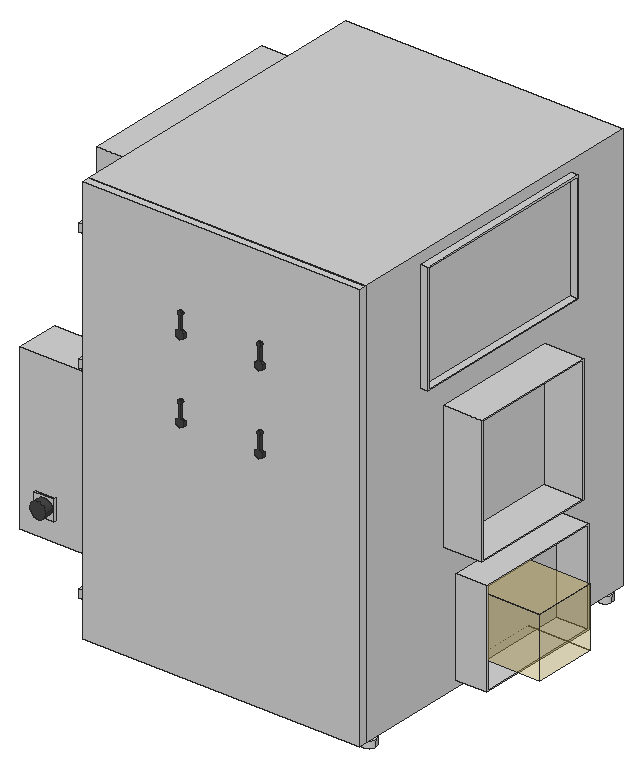
Revit family "Ventilator-RenewAire-Energy-Recovery-HE2XINV-Bypass", category Mechanical Equipment, Revit 2014
Parameters (values of type "2.0 HP 575V Three Phase")
  Voltage = "575"
  Ventilation Type = "Static Plate, Heat and Humidity Transfer"
  Unit Width = "41-3/4\""
  Unit Weight = "363-508 lbs."
  Unit Length = "49-1/2\""
  Unit Height = "52-1/2\""
  Unit = Metal - RenewAire - Anodized - Gray Text
  URL = "www.renewaire.com"
  Typical Airflow Range = "500-2,200 CFM"
  Standard Features = "TEFC Premium efficiency motors, Motor starters, Non-Fused Disconnect, 24VAC Transformer/Relay Package"
  Shipping Weight = "575 lbs."
  Service Area Visibility = no
  Service Area Box = Interference - RenewAire - Smooth - Light - Gold
  Revit Object Download Link = ""
  Phase = "Three"
  Options = "Fused disconnect, Double wall construction, Factory supplied and mounted variable frequency drives (VFDs) – one or both airstreams, Motorized isolation dampers – FA, EA or both airstreams, Qty. 2 Factory mounted filter alarms, Bypass economizer (see bypass dimension drawing page) – dry bulb temperature controls, enthalpy controls"
  Optional Motorized Damper - FA = yes
  Optional Motorized Damper - EA = yes
  Number Motors = "Qty. 2, Belt drive blower/motor packages with adjustable sheaves"
  Model = "HE 2XINV-[Bypass]"
  Minimum Circuit Amps = "5.4 A"
  Maximum Overcurrent Protection = "15 A"
  Max. Shipping Width = "47\""
  Max. Shipping Length = "70\""
  Max. Shipping Height = "57\""
  Manufacturer = "RenewAire LLC"
  Frequency = "60 HZ"
  FLA per Motor = "2.4"
  Description = "Energy Recovery Ventilator"
  Connector Base Material = Glass - With - Transparency
  Accessories = "Filters - MERV 13, 2\" (shipped loose), Digital time clock - wall mount(TC7D-W), Digital time clock - in exterior enclosure (TC7D-E), Motion occupancy control - ceiling mount(MC-C), Motion occupancy control - wall mount(MC-W), Carbon dioxide control - wall mount (CO2-W), Carbon Dioxide control - duct mount(CO2-D), Electric duct heater – EK series (1-60 KW), EH series (61-175 KW)"
  AHRI 1060 Certified Core = "Two L125-G5"
Types (11): name | Voltage | Phase | Minimum Circuit Amps | Maximum Overcurrent Protection | FLA per Motor
  (no name) | "575" | "Three" | "5.4 A" | "15 A" | "2.4"
  1.5 HP 120V Single Phase | "120" | "Single" | "34.2 A" | "45 A" | "15.2"
  1.5 HP 208-230V Single Phase | "208-230" | "Single" | "18.5 A" | "25 A" | "8.2-7.6"
  1.5 HP 208-230V Three Phase | "208-230" | "Three" | "10.8 A" | "15 A" | "4.6-4.8"
  1.5 HP 460V Three Phase | "460" | "Three" | "5.4 A" | "15 A" | "2.4"
  1.5 HP 575V Three Phase | "575" | "Three" | "4.1 A" | "15 A" | "1.8"
  2.0 HP 120V Single Phase | "120" | "Single" | "45.0 A" | "60 A" | "20.0"
  2.0 HP 208-230V Single Phase | "208-230" | "Single" | "24.3 A" | "35 A" | "10.8-10.0"
  2.0 HP 208-230V Three Phase | "208-230" | "Three" | "13.6 A" | "15 A" | "6.1-5.8"
  2.0 HP 460V Three Phase | "460" | "Three" | "6.5 A" | "15 A" | "2.9"
  2.0 HP 575V Three Phase | "575" | "Three" | "5.4 A" | "15 A" | "2.4"
Reference planes (in)
  plane 1 "Center (Front/Back)": y = 0
  plane 2: z = 0
  plane 3 "Center (Left/Right)": x = 0
Forms (in)
  Extrusion 1, solid, material "Metal - RenewAire - Anodized - Gray Text" <- "Unit"
    sketch origin (0, 0, 0) x (1, 0, 0) y (0, 0, 1)
      loop
        line (-17.4375, 51.625) -> (-17.4375, 0) -> (17.4375, 0) -> (17.4375, 51.625) -> (-17.4375, 51.625)
    from 20.25 to -20.25
  Extrusion 2, solid, material "Metal - RenewAire - Anodized - Gray Text"
    sketch origin (0, 0, 0) x (1, 0, 0) y (0, 0, 1)
      loop
        line (-17.4375, 51.625) -> (-17.4375, 0) -> (17.4375, 0) -> (17.4375, 51.625) -> (-17.4375, 51.625)
    from 21.25 to 20.25
  Extrusion 3, solid, material "Metal - RenewAire - Anodized - Gray Text"
    sketch origin (0, 0, 0) x (0, 1, 0) y (0, 0, 1)
      loop
        line (-6.125, 13) -> (-6.125, 1) -> (9.875, 1) -> (9.875, 13) -> (-6.125, 13)
      loop
        line (-6, 12.875) -> (-6, 1.125) -> (9.75, 1.125) -> (9.75, 12.875) -> (-6, 12.875)
    from 21.4375 to 17.4375
  Extrusion 4, solid, material "Metal - RenewAire - Anodized - Gray Text"
    sketch origin (0, 0, 0) x (0, 1, 0) y (0, 0, 1)
      loop
        line (-11.75, 50.375) -> (-11.75, 36.375) -> (12, 36.375) -> (12, 50.375) -> (-11.75, 50.375)
      loop
        line (-11.625, 50.25) -> (-11.625, 36.5) -> (11.875, 36.5) -> (11.875, 50.25) -> (-11.625, 50.25)
    from 18.4375 to 17.4375
  Extrusion 5, solid, material "Metal - RenewAire - Anodized - Gray Text"
    sketch origin (0, 0, 0) x (0, 1, 0) y (0, 0, 1)
      loop
        line (10.125, 13) -> (-5.875, 13) -> (-5.875, 1) -> (10.125, 1) -> (10.125, 13)
      loop
        line (10, 12.875) -> (-5.75, 12.875) -> (-5.75, 1.125) -> (10, 1.125) -> (10, 12.875)
    from -17.4375 to -21.6875
  Extrusion 6, solid, material "Metal - RenewAire - Anodized - Gray Text"
    sketch origin (0, 0, 16.5) x (0, 1, 0) y (0, 0, 1)
      loop
        line (13.375, 33.5) -> (-12.625, 33.5) -> (-12.625, 19.5) -> (13.375, 19.5) -> (13.375, 33.5)
      loop
        line (13.25, 33.375) -> (-12.5, 33.375) -> (-12.5, 19.625) -> (13.25, 19.625) -> (13.25, 33.375)
    from -17.4375 to -22.50196
  Extrusion 7, solid, material "Metal - RenewAire - Anodized - Gray Text"
    sketch origin (-41.1875, 0, 33.3125) x (0, 0, -1) y (0, 1, 0)
      loop
        line (0.4375, 7.875) -> (0.4375, -8.125) -> (16.4375, -8.125) -> (16.4375, 7.875) -> (0.4375, 7.875)
      loop
        line (0.5625, 7.75) -> (0.5625, -8) -> (16.3125, -8) -> (16.3125, 7.75) -> (0.5625, 7.75)
    from 63.625 to 58.625
  Extrusion 8, solid, material "Interference - RenewAire - Smooth - Light - Gold" <- "Service Area Box", visible <- "Optional Motorized Damper - FA"
    sketch origin (0, 0, 0) x (0, 1, 0) y (0, 0, 1)
      loop
        line (5.25, 9.60593) -> (-2.75, 9.60593) -> (-2.75, 2.10593) -> (5.25, 2.10593) -> (5.25, 9.60593)
    from -17.4375 to -25.4375
  Extrusion 9, solid, material "Interference - RenewAire - Smooth - Light - Gold" <- "Service Area Box", visible <- "Optional Motorized Damper - EA"
    sketch origin (0, 0, 1.5) x (0, 1, 0) y (0, 0, 1)
      loop
        line (5.25, 8.10593) -> (-2.75, 8.10593) -> (-2.75, 0.60593) -> (5.25, 0.60593) -> (5.25, 8.10593)
    from 25.4375 to 17.4375
  Extrusion 10, solid, material "Metal - RenewAire - Anodized - Gray Text" <- "Unit"
    sketch origin (0, 0, 0) x (0, 1, 0) y (0, 0, 1)
      loop
        line (-12.75, 28) -> (-18.25, 28) -> (-18.25, 7.5) -> (-12.75, 7.5) -> (-12.75, 28)
    from -17.4375 to -27.75
  Extrusion 11, solid, material "Metal - RenewAire - Anodized - Gray Text"
    sketch origin (7.625, 0, 0) x (1, 0, 0) y (0, 0, 1)
      loop
        line (-33.375, 12.5) -> (-33.375, 10) -> (-30.875, 10) -> (-30.875, 12.5) -> (-33.375, 12.5)
    from 18.25 to 18.5
  Extrusion 12, solid, material "MonitorPorts"
    sketch origin (7.625, 0, 0) x (1, 0, 0) y (0, 0, 1)
      loop
        circle (-32.125, 11.25) r 1
    from 19.5 to 18.5
  Extrusion 13, solid, material "Interference - RenewAire - Smooth - Light - Gold" <- "Service Area Box", visible <- "Service Area Visibility"
    sketch origin (0, 0, 0) x (1, 0, 0) y (0, 0, 1)
      loop
        line (-17.4375, 51.625) -> (-17.4375, 0) -> (17.4375, 0) -> (17.4375, 51.625) -> (-17.4375, 51.625)
    from 58.125 to 21.25
  Extrusion 14, solid, material "Metal - RenewAire - Anodized - Gray Text"
    sketch origin (0, 0, 0) x (1, 0, 0) y (0, 1, 0)
      loop
        circle (-16.9375, 18.125) r 0.875
      loop
        circle (16.9375, 18.125) r 0.875
      loop
        circle (-16.9375, -19.125) r 0.875
      loop
        circle (16.9375, -19.125) r 0.875
    from 0 to -0.75
  Extrusion 15, solid, material "Metal - RenewAire - Anodized - Gray Text"
    sketch origin (0, 0, 0) x (1, 0, 0) y (0, 1, 0)
      loop
        line (-17.4375, -18) -> (-18.1875, -18) -> (-18.1875, -21) -> (-17.4375, -21) -> (-17.4375, -18)
    from 4.25 to 5.25
  Extrusion 16, solid, material "Metal - RenewAire - Anodized - Gray Text"
    sketch origin (0, 0, 0) x (1, 0, 0) y (0, 1, 0)
      loop
        line (-17.4375, -18) -> (-18.1875, -18) -> (-18.1875, -21) -> (-17.4375, -21) -> (-17.4375, -18)
    from 30.25 to 31.25
  Extrusion 17, solid, material "Metal - RenewAire - Anodized - Gray Text"
    sketch origin (0, 0, 0) x (1, 0, 0) y (0, 1, 0)
      loop
        line (-17.4375, -18) -> (-18.1875, -18) -> (-18.1875, -21) -> (-17.4375, -21) -> (-17.4375, -18)
    from 45.625 to 46.625
Dimensions and locks (in)
  Extrusion 6 sketch curve to Extrusion 6 sketch curve to Extrusion 4 = 0' - 0 1/8", 1' - 1 3/8"
  aligned and locked: level to plane 2
Nested families (in)
  nested 1: "Monitoring Port" at (-5, -21.25, 41.48274) x (-1, 0, 0) z (0, 0, -1), type "Monitoring Port"
  nested 2: "Monitoring Port" at (-5, -21.25, 31.48274) x (-1, 0, 0) z (0, 0, -1), type "Monitoring Port"
  nested 3: "Monitoring Port" at (5, -21.25, 41.48274) x (-1, 0, 0) z (0, 0, -1), type "Monitoring Port"
  nested 4: "Monitoring Port" at (5, -21.25, 31.48274) x (-1, 0, 0) z (0, 0, -1), type "Monitoring Port"
Connectors (in)
  hvac at (-17.4375, 0.375, 43)
    settings: on Extrusion 6, index 1, duct flow 0 CFM, flow factor 0, pres drop 0.00 in-wg, loss coef 0, conn angle 0.00°, conn width 26", conn height 14", conn diameter 24", duct sys type 2, conn prof type 1, flow config 0, flow direction 1, loss method 0, conn ref index -1, conn util no, is conn primary yes, conn desc "RA (Return Air)"
  hvac at (-17.4375, 2.125, 7)
    settings: on Extrusion 5, index 2, duct flow 0 CFM, flow factor 0, pres drop 0.00 in-wg, loss coef 0, conn angle 0.00°, conn width 16", conn height 12", conn diameter 24", duct sys type 1, conn prof type 1, flow config 0, flow direction 2, loss method 0, conn ref index -1, conn util no, is conn primary no, conn desc "FA (Fresh Air)"
  hvac at (17.4375, 1.875, 7)
    settings: on Extrusion 3, index 3, duct flow 0 CFM, flow factor 0, pres drop 0.00 in-wg, loss coef 0, conn angle 0.00°, conn width 16", conn height 12", conn diameter 24", duct sys type 3, conn prof type 1, flow config 0, flow direction 2, loss method 0, conn ref index -1, conn util no, is conn primary no, conn desc "EA (Exhaust Air)"
  hvac at (17.4375, 0.125, 43.375)
    settings: on Extrusion 4, index 4, duct flow 0 CFM, flow factor 0, pres drop 0.00 in-wg, loss coef 0, conn angle 0.00°, conn width 24", conn height 14", conn diameter 24", duct sys type 4, conn prof type 1, flow config 0, flow direction 1, loss method 0, conn ref index -1, conn util no, is conn primary no, conn desc "OA (Outside Air)"
  hvac at (17.4375, -0.125, 24.875)
    settings: on Extrusion 7, index 5, duct flow 0 CFM, flow factor 0, pres drop 0.00 in-wg, loss coef 0, conn angle 0.00°, conn width 16", conn height 16", conn diameter 24", duct sys type 2, conn prof type 1, flow config 0, flow direction 1, loss method 0, conn ref index -1, conn util no, is conn primary no, conn desc "BP (Bypass Air)"
Definition of nested family "Monitoring Port"
  Parameters (values of type "Monitoring Port")
    URL = "www.renewaire.com"
    Revit Object Download Link = ""
    Model = ""
    Manufacturer = "RenewAire LLC"
    Description = "Monitoring Ports"
  Reference planes (in)
    plane 1 "Center (Front/Back)": y = 0
    plane 2: z = 0
    plane 3 "Center (Left/Right)": x = 0
  Forms (in)
    Extrusion 1, solid, material "MonitorPorts"
      sketch origin (-9.43348, 0, 37.76669) x (-1, 0, 0) y (0, 0, -1)
        loop
          line (-9.53348, 35.65895) -> (-9.94097, 35.42369) -> (-9.94097, 34.83769) -> (-9.43348, 34.54469) -> (-8.92599, 34.83769) -> (-8.92599, 35.42369) -> (-9.33348, 35.65895) -> (-9.33348, 37.28756)
          arc (-9.33348, 37.28756) -> (-9.43348, 37.76669) -> (-9.53348, 37.28756) r 0.25
          line (-9.53348, 37.28756) -> (-9.53348, 35.65895)
      from 0 to 0.25
  Dimensions and locks (in)
    aligned and locked: level to plane 2
